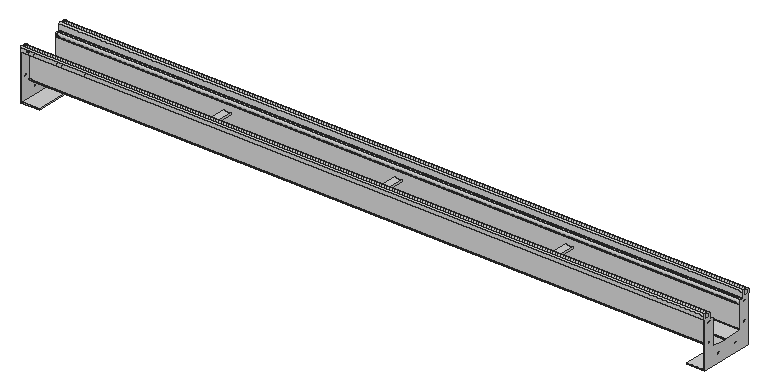
Revit family "T1330", category Plumbing Fixtures, host Face, Revit 2018
Family settings
  Host = Face
  Round Connector Dimension = Use Diameter
  Part Type = Normal
  Cut with Voids When Loaded = No
  Shared = No
  Room Calculation Point = No
Parameters (values of type "T1331")
  URL = "WWW.MIFAB.COM"
  Model = "T1331"
  Material = Paint - Sherwin Williams Paint - #952C2A - Bellwood Red
  Manufacturer = "MIFAB"
  Length = 78.74"
  Description = "4” INTERNAL WIDTH, PRESLOPED, FABRICATED STEEL CHANNEL"
  Default Elevation = 48.00"
  C1 (Shallow Invert) = 4.00"
Types (18): name | Model | Length | C1 (Shallow Invert)
  (no name) | "T1331" | 78.74" | 4.00"
  T1331 | "T1331" | 78.74" | 4.00"
  T1331N | "T1331N" | 78.74" | 4.78"
  T1331N-BO3 | "T1331N-BO3" | 78.74" | 4.78"
  T1331N-BO4 | "T1331N-BO4" | 78.74" | 4.78"
  T1331N-1M | "T1331N-1M" | 39.34" | 4.78"
  T1332 | "T1332" | 78.74" | 4.78"
  T1333 | "T1333" | 78.74" | 5.56"
  T1333N | "T1333N" | 78.74" | 6.34"
  T1333N-BO3 | "T1333N-BO3" | 78.74" | 6.34"
  T1333N-BO4 | "T1333N-BO4" | 78.74" | 6.34"
  T1333N-1M | "T1333N-1M" | 39.37" | 6.34"
  T1334 | "T1334" | 78.74" | 6.34"
  T1335 | "T1335" | 78.74" | 7.12"
  T1335N | "T1335N" | 78.74" | 7.90"
  T1335N-BO3 | "T1335N-BO3" | 78.74" | 7.90"
  T1335N-BO4 | "T1335N-BO4" | 78.74" | 7.90"
  T1335N-1M | "T1335N-1M" | 39.37" | 7.90"
Reference planes (in)
  plane 1 "Center (Front/Back)": y = 0
  plane 2: z = 0
  plane 3 "Center (Left/Right)": x = 0
  plane 4: y = 2
  plane 5: y = -2
  plane 6: y = 3.18
  plane 7: y = -3.18
  plane 8: y = 2.43
  plane 9: y = -3.18
  plane 10: y = -2.43
  plane 11: z = -4
  plane 12: x = 78.74
  plane 13: z = -0.80104
  plane 14: z = -2.05104
  plane 15: x = 0.1
  plane 16: x = 78.64
  plane 17: x = 2.13
  plane 18: x = 39.37
  plane 19: z = -4.09184
  plane 20: z = -5.84184
  plane 21: z = -5.74184
  plane 22: z = -1.04977
  plane 23: z = -3.17477
  plane 24: z = -4.84184
  plane 25: z = -1.04977
  plane 26: z = -3.17477
  plane 27: z = -4.84184
  plane 28: x = 19.685
  plane 29: x = 59.055
Forms (in)
  Extrusion 1, solid, material "Paint - Sherwin Williams Paint - #952C2A - Bellwood Red" <- "Material"
    sketch origin (0, -18.04621, -10.54353) x (0, 1, 0) y (0, 0, 1)
      loop
        line (20.04621, 9.27634) -> (20.04621, 6.7988)
        arc (20.04621, 6.7988) -> (20.03337, 6.76534) -> (20.00144, 6.74907) r 0.05
        line (20.00144, 6.74907) -> (18.1487, 6.55434)
        arc (18.1487, 6.55434) -> (18.04621, 6.54897) -> (17.94372, 6.55434) r 0.98049
        line (17.94372, 6.55434) -> (16.08733, 6.74946)
        arc (16.08733, 6.74946) -> (16.05801, 6.7644) -> (16.04621, 6.79512) r 0.04592
        line (16.04621, 6.79512) -> (16.04621, 9.27634)
        arc (16.04621, 9.27634) -> (16.05056, 9.30551) -> (16.06323, 9.33214) r 0.1
        line (16.06323, 9.33214) -> (16.1228, 9.42073)
        arc (16.1228, 9.42073) -> (16.1337, 9.63306) -> (15.95142, 9.74249) r 0.20652
        line (15.95142, 9.74249) -> (15.6702, 9.74249)
        arc (15.6702, 9.74249) -> (15.63203, 9.75831) -> (15.61621, 9.79648) r 0.05399
        line (15.61621, 9.79648) -> (15.61621, 10.39353)
        arc (15.61621, 10.39353) -> (15.57228, 10.4996) -> (15.46621, 10.54353) r 0.15
        line (15.46621, 10.54353) -> (15.01621, 10.54353)
        arc (15.01621, 10.54353) -> (14.91015, 10.4996) -> (14.86621, 10.39353) r 0.15
        line (14.86621, 10.39353) -> (14.86621, 10.01148) -> (14.96621, 10.01148) -> (14.96621, 10.38353)
        arc (14.96621, 10.38353) -> (14.98379, 10.42596) -> (15.02621, 10.44353) r 0.06
        line (15.02621, 10.44353) -> (15.45621, 10.44353)
        arc (15.45621, 10.44353) -> (15.49864, 10.42596) -> (15.51621, 10.38353) r 0.06
        line (15.51621, 10.38353) -> (15.51621, 9.79017)
        arc (15.51621, 9.79017) -> (15.55947, 9.68575) -> (15.66389, 9.64249) r 0.14768
        line (15.66389, 9.64249) -> (15.94718, 9.64249)
        arc (15.94718, 9.64249) -> (16.04319, 9.58485) -> (16.03745, 9.47302) r 0.10878
        line (16.03745, 9.47302) -> (15.96323, 9.36263)
        arc (15.96323, 9.36263) -> (15.95056, 9.336) -> (15.94621, 9.30683) r 0.1
        line (15.94621, 9.30683) -> (15.94621, 6.79321)
        arc (15.94621, 6.79321) -> (15.98315, 6.69699) -> (16.07497, 6.6502) r 0.14379
        line (16.07497, 6.6502) -> (17.88156, 6.46032)
        arc (17.88156, 6.46032) -> (18.04621, 6.4517) -> (18.21087, 6.46032) r 1.57522
        line (18.21087, 6.46032) -> (20.02085, 6.65056)
        arc (20.02085, 6.65056) -> (20.11025, 6.69612) -> (20.14621, 6.78979) r 0.14
        line (20.14621, 6.78979) -> (20.14621, 9.30683)
        arc (20.14621, 9.30683) -> (20.14186, 9.336) -> (20.1292, 9.36263) r 0.1
        line (20.1292, 9.36263) -> (20.05476, 9.47333)
        arc (20.05476, 9.47333) -> (20.04903, 9.58496) -> (20.14486, 9.64249) r 0.10857
        line (20.14486, 9.64249) -> (20.42621, 9.64249)
        arc (20.42621, 9.64249) -> (20.53228, 9.68643) -> (20.57621, 9.79249) r 0.15
        line (20.57621, 9.79249) -> (20.57621, 10.38353)
        arc (20.57621, 10.38353) -> (20.59379, 10.42596) -> (20.63621, 10.44353) r 0.06
        line (20.63621, 10.44353) -> (21.06302, 10.44353)
        arc (21.06302, 10.44353) -> (21.1077, 10.42502) -> (21.12621, 10.38034) r 0.06319
        line (21.12621, 10.38034) -> (21.12621, 10.01148) -> (21.22621, 10.01148) -> (21.22621, 10.39353)
        arc (21.22621, 10.39353) -> (21.18228, 10.4996) -> (21.07621, 10.54353) r 0.15
        line (21.07621, 10.54353) -> (20.62621, 10.54353)
        arc (20.62621, 10.54353) -> (20.52015, 10.4996) -> (20.47621, 10.39353) r 0.15
        line (20.47621, 10.39353) -> (20.47621, 9.79249)
        arc (20.47621, 9.79249) -> (20.46157, 9.75714) -> (20.42621, 9.74249) r 0.05
        line (20.42621, 9.74249) -> (20.14101, 9.74249)
        arc (20.14101, 9.74249) -> (19.95873, 9.63306) -> (19.96963, 9.42073) r 0.20652
        line (19.96963, 9.42073) -> (20.0292, 9.33214)
        arc (20.0292, 9.33214) -> (20.04186, 9.30551) -> (20.04621, 9.27634) r 0.1
    from 0 to 78.74
  Extrusion 2, solid, material "Paint - Sherwin Williams Paint - #952C2A - Bellwood Red" <- "Material"
    sketch origin (0, 0, 0) x (1, 0, 0) y (0, 1, 0)
      loop
        line (0, 3.08) -> (0, -3.08) -> (2.13, -3.08) -> (2.13, 3.08) -> (0, 3.08)
    from -5.84184 to -5.74184
  Extrusion 3, solid, material "Paint - Sherwin Williams Paint - #952C2A - Bellwood Red" <- "Material"
    sketch origin (45.53774, 0, 0) x (-1, 0, 0) y (0, -1, 0)
      loop
        line (-33.20226, -3.08) -> (-31.10226, -3.08) -> (-31.10226, 3.08) -> (-33.20226, 3.08) -> (-33.20226, -3.08)
    from -5.84184 to -5.74184
  Sweep 4, solid, material "Paint - Sherwin Williams Paint - #952C2A - Bellwood Red" <- "Material"
    path origin (0, 0, 0) x (1, 0, 0) y (0, 1, 0)
      loop
        line (78.74, 0) -> (0, 0)
    profile origin (39.37, 0, 0) x (0, -1, 0) y (0, 0, 1)
      loop
        arc (-2.53, -0.16) -> (-2.54757, -0.11757) -> (-2.59, -0.1) r 0.06
        line (-2.59, -0.1) -> (-3.01681, -0.1)
        arc (-3.01681, -0.1) -> (-3.06149, -0.11851) -> (-3.08, -0.16319) r 0.06319
        line (-3.08, -0.16319) -> (-3.08, -0.53205) -> (-2.53, -0.53205) -> (-2.53, -0.16)
      loop
        line (3.08, -0.53205) -> (3.08, -0.16)
        arc (3.08, -0.16) -> (3.06243, -0.11757) -> (3.02, -0.1) r 0.06
        line (3.02, -0.1) -> (2.59, -0.1)
        arc (2.59, -0.1) -> (2.54757, -0.11757) -> (2.53, -0.16) r 0.06
        line (2.53, -0.16) -> (2.53, -0.53205) -> (3.08, -0.53205)
  Sweep 5, solid, material "Paint - Sherwin Williams Paint - #952C2A - Bellwood Red" <- "Material"
    path origin (0, 0, 0) x (1, 0, 0) y (0, 1, 0)
      loop
        line (39.37, 2) -> (39.37, -2)
    profile origin (39.37, 0, 0) x (1, 0, 0) y (0, 0, 1)
      loop
        line (-0.37264, -2.05104) -> (-0.37264, -2.30104) -> (0.37264, -2.30104) -> (0.37264, -2.05104) -> (-0.37264, -2.05104)
  Extrusion 6, void
    sketch origin (0, 0, 0) x (1, 0, 0) y (0, 1, 0)
      loop
        line (0, 3.18) -> (0, -3.18) -> (78.74, -3.18) -> (78.74, 3.18) -> (0, 3.18)
    from -5.84184 to 0
  Extrusion 7, solid, material "Paint - Sherwin Williams Paint - #952C2A - Bellwood Red" <- "Material"
    sketch origin (0, 0, 0) x (0, 1, 0) y (0, 0, 1)
      loop
        line (3.08, -0.53205) -> (2.53, -0.53205) -> (2.53, -0.75104)
        arc (2.53, -0.75104) -> (2.48607, -0.8571) -> (2.38, -0.90104) r 0.15
        line (2.38, -0.90104) -> (2.09865, -0.90104)
        arc (2.09865, -0.90104) -> (2.00282, -0.95857) -> (2.00855, -1.0702) r 0.10857
        line (2.00855, -1.0702) -> (2.08298, -1.1809)
        arc (2.08298, -1.1809) -> (2.09565, -1.20753) -> (2.1, -1.2367) r 0.1
        line (2.1, -1.2367) -> (2.1, -3.75374)
        arc (2.1, -3.75374) -> (2.06404, -3.84742) -> (1.97463, -3.89297) r 0.14
        line (1.97463, -3.89297) -> (0.16466, -4.08321)
        arc (0.16466, -4.08321) -> (0, -4.09184) -> (-0.16466, -4.08321) r 1.57522
        line (-0.16466, -4.08321) -> (-1.97124, -3.89333)
        arc (-1.97124, -3.89333) -> (-2.06307, -3.84654) -> (-2.1, -3.75032) r 0.14379
        line (-2.1, -3.75032) -> (-2.1, -1.2367)
        arc (-2.1, -1.2367) -> (-2.09565, -1.20753) -> (-2.08298, -1.1809) r 0.1
        line (-2.08298, -1.1809) -> (-2.00876, -1.07052)
        arc (-2.00876, -1.07052) -> (-2.00302, -0.95868) -> (-2.09903, -0.90104) r 0.10878
        line (-2.09903, -0.90104) -> (-2.38232, -0.90104)
        arc (-2.38232, -0.90104) -> (-2.48675, -0.85778) -> (-2.53, -0.75336) r 0.14768
        line (-2.53, -0.75336) -> (-2.53, -0.53205) -> (-3.08, -0.53205) -> (-3.08, -5.74184) -> (3.08, -5.74184) -> (3.08, -0.53205)
      loop
        circle (2.59956, -1.04977) r 0.17382
      loop
        circle (2.59956, -3.17477) r 0.17382
      loop
        circle (-2.56831, -1.04977) r 0.17382
      loop
        circle (-2.56831, -3.17477) r 0.17382
      loop
        circle (1.31082, -4.84184) r 0.17382
      loop
        circle (-1.24832, -4.84184) r 0.17382
    from 0 to 0.1
  Extrusion 8, solid, material "Paint - Sherwin Williams Paint - #952C2A - Bellwood Red" <- "Material"
    sketch origin (0, 0, 0) x (0, 1, 0) y (0, 0, 1)
      loop
        line (3.08, -0.53205) -> (2.53, -0.53205) -> (2.53, -0.75104)
        arc (2.53, -0.75104) -> (2.48607, -0.8571) -> (2.38, -0.90104) r 0.15
        line (2.38, -0.90104) -> (2.09865, -0.90104)
        arc (2.09865, -0.90104) -> (2.00282, -0.95857) -> (2.00855, -1.0702) r 0.10857
        line (2.00855, -1.0702) -> (2.08298, -1.1809)
        arc (2.08298, -1.1809) -> (2.09565, -1.20753) -> (2.1, -1.2367) r 0.1
        line (2.1, -1.2367) -> (2.1, -3.75374)
        arc (2.1, -3.75374) -> (2.06404, -3.84742) -> (1.97463, -3.89297) r 0.14
        line (1.97463, -3.89297) -> (0.16466, -4.08321)
        arc (0.16466, -4.08321) -> (0, -4.09184) -> (-0.16466, -4.08321) r 1.57522
        line (-0.16466, -4.08321) -> (-1.97124, -3.89333)
        arc (-1.97124, -3.89333) -> (-2.06307, -3.84654) -> (-2.1, -3.75032) r 0.14379
        line (-2.1, -3.75032) -> (-2.1, -1.2367)
        arc (-2.1, -1.2367) -> (-2.09565, -1.20753) -> (-2.08298, -1.1809) r 0.1
        line (-2.08298, -1.1809) -> (-2.00876, -1.07052)
        arc (-2.00876, -1.07052) -> (-2.00302, -0.95868) -> (-2.09903, -0.90104) r 0.10878
        line (-2.09903, -0.90104) -> (-2.38232, -0.90104)
        arc (-2.38232, -0.90104) -> (-2.48675, -0.85778) -> (-2.53, -0.75336) r 0.14768
        line (-2.53, -0.75336) -> (-2.53, -0.53205) -> (-3.08, -0.53205) -> (-3.08, -5.74184) -> (3.08, -5.74184) -> (3.08, -0.53205)
      loop
        circle (2.59956, -1.04977) r 0.17382
      loop
        circle (2.59956, -3.17477) r 0.17382
      loop
        circle (1.31082, -4.84184) r 0.17382
      loop
        circle (-2.56831, -1.04977) r 0.17382
      loop
        circle (-2.56831, -3.17477) r 0.17382
      loop
        circle (-1.24832, -4.84184) r 0.17382
    from 78.64 to 78.74
  Sweep 9, solid, material "Paint - Sherwin Williams Paint - #952C2A - Bellwood Red" <- "Material"
    path origin (9.835, 0, 0) x (1, 0, 0) y (0, 1, 0)
      loop
        line (49.22, 2) -> (49.22, -2)
    profile origin (59.055, 0, 0) x (1, 0, 0) y (0, 0, 1)
      loop
        line (-0.37264, -2.05104) -> (-0.37264, -2.30104) -> (0.37264, -2.30104) -> (0.37264, -2.05104) -> (-0.37264, -2.05104)
  Sweep 10, solid, material "Paint - Sherwin Williams Paint - #952C2A - Bellwood Red" <- "Material"
    path origin (29.505, 0, 0) x (-1, 0, 0) y (0, 1, 0)
      loop
        line (9.82, 2) -> (9.82, -2)
    profile origin (19.685, 0, 0) x (1, 0, 0) y (0, 0, 1)
      loop
        line (0.37264, -2.05104) -> (-0.37264, -2.05104) -> (-0.37264, -2.30104) -> (0.37264, -2.30104) -> (0.37264, -2.05104)
Cuts and joins
  joined: Extrusion 1, Extrusion 2, Extrusion 3, Extrusion 7, Extrusion 8
Lines and regions (in)
  symbolic lines
    curve 1: line (0, 3.18, 0) -> (0, -3.18, 0)
    curve 2: line (78.74, 3.18, 0) -> (0, 3.18, 0)
    curve 3: line (78.74, -3.18, 0) -> (0, -3.18, 0)
    curve 4: line (78.74, 3.18, 0) -> (78.74, -3.18, 0)
    curve 5: line (0, 2.43, 0) -> (78.74, 2.43, 0)
    curve 6: line (0, -3.18, 0) -> (78.74, -3.18, 0)
Dimensions and locks (in)
  equal spacing: plane 4, plane 1 "Center (Front/Back)", plane 5
  locked: plane 4 to plane 5 at 4
  equal spacing: plane 6, plane 1 "Center (Front/Back)", plane 7
  plane 6 to plane 7 = 6.36"  (x2)
  equal spacing: plane 10, plane 1 "Center (Front/Back)", plane 8
  plane 10 to plane 8 = 4.86"
  "C1 (Shallow Invert)": plane 2 to plane 11
  "Length": plane 3 "Center (Left/Right)" to plane 12
  locked: plane 13 to plane 14 at 1.25
  locked: plane 3 "Center (Left/Right)" to plane 15 at 0.1
  locked: plane 12 to plane 16 at 0.1
  locked: plane 17 to plane 3 "Center (Left/Right)" at 2.13
  locked: plane 14 to Sweep 5 sketch curve at 0.25
  equal spacing: Sweep 5 sketch curve, plane 18, Sweep 5 sketch curve, locked at 0.37264 each
  locked: plane 11 to plane 19 at 0.09184
  locked: plane 21 to plane 20 at 0.1
  locked: plane 19 to plane 21 at 1.65
  locked: plane 2 to plane 22 at 1.04977
  locked: plane 23 to plane 11 at 0.82523
  locked: plane 19 to plane 24 at 0.75
  locked: plane 27 to plane 21 at 0.9
  locked: plane 26 to plane 27 at 1.66707
  locked: plane 2 to plane 25 at 1.04977
  plane 8 to plane 10 = 4.86"
  cut or joined group of Extrusion 1, Extrusion 2, Extrusion 3, Extrusion 7, Extrusion 8 to cut or joined group of Extrusion 1, Extrusion 2, Extrusion 3, Extrusion 7, Extrusion 8 = 4.00"
  host face to plane 11 = 4.00"  (x2)
  equal spacing: plane 3 "Center (Left/Right)", plane 28, plane 18, plane 29, plane 12
  Sweep 9 sketch curve to Sweep 9 sketch curve = 0.74529"
  Sweep 10 sketch curve to Sweep 10 sketch curve = 0.74529"
  plane 13 to Sweep 10 = 1.25"
  aligned and locked: host face to plane 2
  aligned and locked: host face to level
  aligned and locked: Extrusion 1 to plane 3 "Center (Left/Right)"
  aligned and locked: plane 12 to Extrusion 1
  aligned and locked: plane 13 to Extrusion 1  (x2)
  aligned and locked: Sweep 4 sketch curve to plane 1 "Center (Front/Back)"
  aligned and locked: plane 3 "Center (Left/Right)" to Sweep 4 sketch curve
  aligned and locked: plane 12 to Sweep 4 sketch curve
  aligned and locked: Sweep 5 sketch curve to plane 18
  aligned and locked: plane 4 to Sweep 5 sketch curve
  aligned and locked: plane 5 to Sweep 5 sketch curve
  aligned and locked: Sweep 5 sketch curve to plane 14
  aligned and locked: Extrusion 6 sketch curve to plane 3 "Center (Left/Right)"
  aligned and locked: Extrusion 6 sketch curve to plane 12
  aligned and locked: Extrusion 6 sketch curve to plane 6
  aligned and locked: Extrusion 6 sketch curve to plane 7
  aligned and locked: plane 2 to Extrusion 6
  aligned and locked: curve 2 to plane 6
  aligned and locked: curve 3 to plane 7
  aligned and locked: curve 4 to plane 12
  aligned and locked: curve 5 to plane 8
  aligned and locked: plane 9 to curve 6
  aligned and locked: plane 3 "Center (Left/Right)" to curve 2
  aligned and locked: plane 12 to curve 5
  aligned and locked: plane 3 "Center (Left/Right)" to curve 6
  aligned and locked: Sweep 4 sketch curve to cut or joined group of Extrusion 1, Extrusion 2, Extrusion 3, Extrusion 7, Extrusion 8  (x4)
  aligned and locked: cut or joined group of Extrusion 1, Extrusion 2, Extrusion 3, Extrusion 7, Extrusion 8 to Sweep 4 sketch curve
  aligned and locked: Extrusion 7 sketch curve to Sweep 4  (x2)
  aligned and locked: Extrusion 7 sketch curve to cut or joined group of Extrusion 1, Extrusion 2, Extrusion 3, Extrusion 7, Extrusion 8  (x9)
  aligned and locked: cut or joined group of Extrusion 1, Extrusion 2, Extrusion 3, Extrusion 7, Extrusion 8 to Extrusion 7 sketch curve
  aligned and locked: Extrusion 7 sketch curve to plane 21
  aligned and locked: Extrusion 7 to plane 15
  aligned and locked: Extrusion 7 to plane 3 "Center (Left/Right)"
  aligned and locked: plane 22 to Extrusion 7 sketch curve  (x2)
  aligned and locked: plane 23 to Extrusion 7 sketch curve  (x2)
  aligned and locked: plane 24 to Extrusion 7 sketch curve  (x2)
  aligned and locked: plane 21 to cut or joined group of Extrusion 1, Extrusion 2, Extrusion 3, Extrusion 7, Extrusion 8
  aligned and locked: cut or joined group of Extrusion 1, Extrusion 2, Extrusion 3, Extrusion 7, Extrusion 8 to plane 20
  aligned and locked: Extrusion 2 to plane 3 "Center (Left/Right)"
  aligned and locked: Extrusion 3 to plane 21
  aligned and locked: plane 20 to Extrusion 3
  aligned and locked: plane 12 to Extrusion 3
  aligned and locked: plane 21 to Extrusion 8 sketch curve
  aligned and locked: Extrusion 8 sketch curve to cut or joined group of Extrusion 1, Extrusion 2, Extrusion 3, Extrusion 7, Extrusion 8  (x9)
  aligned and locked: Extrusion 8 sketch curve to Sweep 4  (x2)
  aligned and locked: cut or joined group of Extrusion 1, Extrusion 2, Extrusion 3, Extrusion 7, Extrusion 8 to Extrusion 8 sketch curve
  aligned and locked: plane 25 to Extrusion 8 sketch curve  (x2)
  aligned and locked: plane 26 to Extrusion 8 sketch curve  (x2)
  aligned and locked: plane 27 to Extrusion 8 sketch curve  (x2)
  aligned and locked: plane 12 to Extrusion 8
  aligned and locked: Extrusion 8 to plane 16
  aligned and locked: Extrusion 6 to cut or joined group of Extrusion 1, Extrusion 2, Extrusion 3, Extrusion 7, Extrusion 8
  aligned and locked: Sweep 10 sketch curve to plane 28
  aligned and locked: plane 29 to Sweep 9 sketch curve
Automatic sketch dimensions
  host sketch curve to host sketch curve = 129.03649"
  host sketch curve to host sketch curve = 96.00"
  Extrusion 1 sketch curve to Extrusion 1 sketch curve = 0.00"  (x2)
  Extrusion 1 sketch curve to plane 7 = 0.00"
  Extrusion 1 sketch curve to level = 0.00"  (x2)
  Extrusion 1 sketch curve to plane 10 = 0.00"
  Extrusion 1 sketch curve to plane 13 = 0.00"  (x2)
  Extrusion 1 sketch curve to plane 5 = 0.00"  (x2)
  Extrusion 1 sketch curve to plane 1 "Center (Front/Back)" = 0.00"  (x2)
  Extrusion 1 sketch curve to plane 4 = 0.00"  (x2)
  Extrusion 1 sketch curve to plane 8 = 0.00"
  Extrusion 1 sketch curve to plane 6 = 0.00"
  plane 7 to Extrusion 1 sketch curve = 0.10"
  plane 7 to Extrusion 1 sketch curve = 0.15"
  Extrusion 1 sketch curve to Extrusion 1 sketch curve = 0.01"  (x5)
  plane 10 to Extrusion 1 sketch curve = 0.16"
  plane 10 to Extrusion 1 sketch curve = 0.10"
  Extrusion 1 sketch curve to plane 10 = 0.04768"
  Extrusion 1 sketch curve to Extrusion 1 sketch curve = 0.00631"
  Extrusion 1 sketch curve to plane 5 = 0.10"
  Extrusion 1 sketch curve to plane 5 = 0.09903"
  Extrusion 1 sketch curve to plane 5 = 0.0948"
  Extrusion 1 sketch curve to Extrusion 1 sketch curve = 0.01702"  (x2)
  Extrusion 1 sketch curve to plane 5 = 0.00876"
  plane 5 to Extrusion 1 sketch curve = 0.01702"
  plane 5 to Extrusion 1 sketch curve = 0.02876"
  plane 5 to Extrusion 1 sketch curve = 0.04112"
  plane 5 to Extrusion 1 sketch curve = 0.04379"
  Extrusion 1 sketch curve to Extrusion 1 sketch curve = 0.00213"
  plane 5 to Extrusion 1 sketch curve = 0.07659"
  plane 5 to Extrusion 1 sketch curve = 0.10"
  plane 19 to Extrusion 1 sketch curve = 0.00863"  (x2)
  plane 1 "Center (Front/Back)" to Extrusion 1 sketch curve = 0.16466"
  plane 11 to Extrusion 1 sketch curve = 0.01081"  (x2)
  plane 1 "Center (Front/Back)" to Extrusion 1 sketch curve = 0.10249"
  Extrusion 1 sketch curve to Extrusion 1 sketch curve = 0.10"  (x2)
  Extrusion 1 sketch curve to plane 4 = 0.07659"
  Extrusion 1 sketch curve to Extrusion 1 sketch curve = 0.05"  (x3)
  Extrusion 1 sketch curve to plane 4 = 0.04477"
  Extrusion 1 sketch curve to plane 4 = 0.02537"
  Extrusion 1 sketch curve to plane 4 = 0.01702"
  plane 4 to Extrusion 1 sketch curve = 0.00855"
  plane 4 to Extrusion 1 sketch curve = 0.08298"
  plane 4 to Extrusion 1 sketch curve = 0.0948"
  Extrusion 1 sketch curve to Extrusion 1 sketch curve = 0.00385"
  plane 8 to Extrusion 1 sketch curve = 0.10"
  plane 6 to Extrusion 1 sketch curve = 0.16319"
  Extrusion 1 sketch curve to Extrusion 1 sketch curve = 0.01319"  (x2)
  plane 11 to Extrusion 1 sketch curve = 0.10667"
  plane 11 to Extrusion 1 sketch curve = 0.10703"
  Extrusion 1 sketch curve to Extrusion 1 sketch curve = 0.04072"
  Extrusion 1 sketch curve to Extrusion 1 sketch curve = 0.04375"
  Extrusion 1 sketch curve to Extrusion 1 sketch curve = 0.97512"
  Extrusion 1 sketch curve to Extrusion 1 sketch curve = 0.49746"
  Extrusion 1 sketch curve to plane 13 = 0.46615"
  Extrusion 1 sketch curve to Extrusion 1 sketch curve = 0.36615"
  Extrusion 1 sketch curve to Extrusion 1 sketch curve = 0.03049"
  Extrusion 1 sketch curve to Extrusion 1 sketch curve = 0.02531"
  Extrusion 1 sketch curve to Extrusion 1 sketch curve = 0.08859"  (x2)
  Extrusion 1 sketch curve to Extrusion 1 sketch curve = 0.05228"
  Extrusion 1 sketch curve to Extrusion 1 sketch curve = 0.0526"
  Extrusion 1 sketch curve to Extrusion 1 sketch curve = 0.00226"
  plane 13 to Extrusion 1 sketch curve = 0.26899"  (x2)
  Extrusion 2 sketch curve to plane 3 "Center (Left/Right)" = 0.00"
  Extrusion 2 sketch curve to plane 17 = 0.00"
  plane 7 to Extrusion 2 sketch curve = 0.10"
  plane 6 to Extrusion 2 sketch curve = 0.10"
  Extrusion 3 sketch curve to plane 12 = 0.00"
  Extrusion 3 sketch curve to plane 7 = 0.10"
  plane 16 to Extrusion 3 sketch curve = 2.00"
  Extrusion 3 sketch curve to plane 6 = 0.10"
  Sweep 4 sketch curve to Sweep 4 sketch curve = 0.37205"
  Sweep 4 sketch curve to Sweep 4 sketch curve = 0.36886"
  profile plane to Sweep 5 sketch curve = 0.37264"
  plane 10 to Extrusion 7 sketch curve = 0.13831"  (x2)
  plane 7 to Extrusion 7 sketch curve = 0.10"
  Extrusion 7 sketch curve to Extrusion 7 sketch curve = 0.01702"  (x2)
  Extrusion 7 sketch curve to plane 5 = 0.00876"
  plane 5 to Extrusion 7 sketch curve = 0.02876"
  plane 5 to Extrusion 7 sketch curve = 0.75168"
  plane 19 to Extrusion 7 sketch curve = 0.00863"  (x2)
  Extrusion 7 sketch curve to plane 4 = 0.68918"
  Extrusion 7 sketch curve to plane 4 = 0.02537"
  plane 4 to Extrusion 7 sketch curve = 0.00855"
  plane 8 to Extrusion 7 sketch curve = 0.16956"  (x2)
  plane 6 to Extrusion 7 sketch curve = 0.10"
  plane 10 to Extrusion 8 sketch curve = 0.13831"  (x2)
  plane 7 to Extrusion 8 sketch curve = 0.10"
  Extrusion 8 sketch curve to Extrusion 8 sketch curve = 0.01702"  (x2)
  Extrusion 8 sketch curve to plane 5 = 0.00876"
  plane 5 to Extrusion 8 sketch curve = 0.02876"
  plane 5 to Extrusion 8 sketch curve = 0.75168"
  plane 19 to Extrusion 8 sketch curve = 0.00863"  (x2)
  Extrusion 8 sketch curve to plane 4 = 0.68918"
  Extrusion 8 sketch curve to plane 4 = 0.02537"
  plane 4 to Extrusion 8 sketch curve = 0.00855"
  plane 8 to Extrusion 8 sketch curve = 0.16956"  (x2)
  plane 6 to Extrusion 8 sketch curve = 0.10"
  Sweep 9 sketch curve to plane 5 = 0.00"
  Sweep 9 sketch curve to plane 4 = 0.00"
  profile plane to Sweep 9 sketch curve = 0.37264"
  Sweep 9 sketch curve to profile plane = 0.37264"
  Sweep 9 sketch curve to level = 2.30104"
  Sweep 9 sketch curve to Sweep 9 sketch curve = 0.25"
  Sweep 10 sketch curve to plane 5 = 0.00"
  Sweep 10 sketch curve to plane 4 = 0.00"
  profile plane to Sweep 10 sketch curve = 0.37264"
  Sweep 10 sketch curve to profile plane = 0.37264"
  Sweep 10 sketch curve to level = 2.30104"
  Sweep 10 sketch curve to Sweep 10 sketch curve = 0.25"
  radius of Extrusion 7 sketch curve = 0.17382"  (x6)
  radius of Extrusion 8 sketch curve = 0.17382"  (x6)
